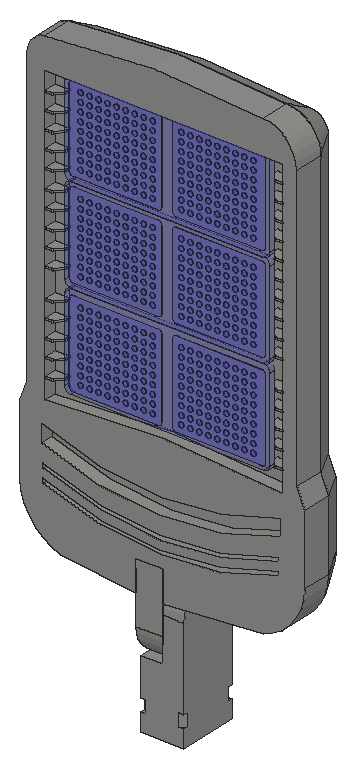
Revit family "VP-3-K", category Lighting Fixtures, host Face, Revit 2019 (continued)
Definition of nested family "SIZE3-K"
  Forms (in)
    Blend 50, solid, material <- "Fixture"
      base sketch origin (0, 0, 0) x (1, 0, 0) y (0, 0, 1)
        loop
          arc (-6.75192, 33.95884) -> (-7.48558, 33.52919) -> (-7.77472, 32.72966) r 1.25
          line (-7.77472, 32.72966) -> (-7.77472, 15.72202) -> (-8.18, 14.67799) -> (-8.18, 10.64521)
          arc (-8.18, 10.64521) -> (-7.52407, 8.68733) -> (-5.82104, 7.51974) r 3.25
          arc (-5.82104, 7.51974) -> (-2.92086, 7.15165) -> (0, 7.02866) r 34.74571
          arc (0, 7.02866) -> (2.92086, 7.15165) -> (5.82104, 7.51974) r 34.74571
          arc (5.82104, 7.51974) -> (7.52407, 8.68733) -> (8.18, 10.64521) r 3.25
          line (8.18, 10.64521) -> (8.18, 14.67799) -> (7.7425, 15.80502) -> (7.7425, 32.05879)
          arc (7.7425, 32.05879) -> (7.16964, 33.45997) -> (5.77922, 34.05846) r 2
          arc (5.77922, 34.05846) -> (-0.48981, 34.44343) -> (-6.75192, 33.95884) r 45.36519
      top sketch origin (0, 0, 0) x (1, 0, 0) y (0, 0, 1)
        loop
          arc (5.71398, 33.05839) -> (-0.43659, 33.4438) -> (-6.58122, 32.97319) r 44.36519
          arc (-6.58122, 32.97319) -> (-6.72046, 32.88519) -> (-6.77472, 32.72966) r 0.25
          line (-6.77472, 32.72966) -> (-6.77472, 15.53474) -> (-7.18, 14.49071) -> (-7.18, 10.64521)
          arc (-7.18, 10.64521) -> (-6.74089, 9.30985) -> (-5.59495, 8.49571) r 2.25
          arc (-5.59495, 8.49571) -> (-2.89422, 8.15301) -> (-0.17465, 8.02912) r 33.74571
          arc (-0.17465, 8.02912) -> (2.72017, 8.13848) -> (5.59495, 8.49571) r 33.74571
          arc (5.59495, 8.49571) -> (6.74089, 9.30985) -> (7.18, 10.64521) r 2.25
          line (7.18, 10.64521) -> (7.18, 14.49071) -> (6.7425, 15.61774) -> (6.7425, 32.05879)
          arc (6.7425, 32.05879) -> (6.43945, 32.77591) -> (5.71398, 33.05839) r 1
      from 0 to -1.74
    Extrusion 51, solid, material <- "Fixture"
      sketch origin (0, 0, 0) x (0, 1, 0) y (0, 0, 1)
        loop
          line (1.74, 0) -> (1.74, 6.43918)
          arc (1.74, 6.43918) -> (0, 8.17918) -> (-1.74, 6.43918) r 1.74
          line (-1.74, 6.43918) -> (-1.74, 0) -> (1.74, 0)
      from -1.24 to 1.24
    Extrusion 52, solid, material <- "Fixture"
      sketch origin (0, 0, 0) x (0, 1, 0) y (0, 0, 1)
        loop
          line (1.74, 8.81429) -> (-1.74, 8.81429) -> (-1.74, 5.31429)
          arc (-1.74, 5.31429) -> (0, 3.57429) -> (1.74, 5.31429) r 1.74
          line (1.74, 5.31429) -> (1.74, 8.81429)
      from -1.5 to 0
    Extrusion 53, void
      sketch origin (0, 0, 0) x (1, 0, 0) y (0, 0, 1)
        loop
          line (-1.5, 8.3) -> (-1.5, 3.90812) -> (0, 3.90812) -> (0, 8.3) -> (-1.5, 8.3)
      from -1.84653 to 1.9488
    Extrusion 54, void
      sketch origin (0, 0, 0) x (1, 0, 0) y (0, 1, 0)
        loop
          line (0.84352, 1.83879) -> (1.27235, 1.40996) -> (1.4375, 1.40996) -> (1.4375, 1.83879) -> (0.84352, 1.83879)
        loop
          line (-0.84352, 1.83879) -> (-1.4375, 1.83879) -> (-1.4375, 1.40996) -> (-1.27235, 1.40996) -> (-0.84352, 1.83879)
        loop
          line (0.84352, -1.83879) -> (1.4375, -1.83879) -> (1.4375, -1.40996) -> (1.27235, -1.40996) -> (0.84352, -1.83879)
        loop
          line (-0.84352, -1.83879) -> (-1.27235, -1.40996) -> (-1.4375, -1.40996) -> (-1.4375, -1.83879) -> (-0.84352, -1.83879)
      from 1 to 1.75
  Cuts and joins
    Extrusion 3, Extrusion 49, Extrusion 53 cuts Extrusion 2
    Extrusion 53 cuts Blend 50
    Extrusion 53, Extrusion 54 cuts Extrusion 51
  Dimensions and locks (in)
    equal spacing: plane 4, plane 3 "Center (Left/Right)", plane 5
    "Width": plane 4 to plane 5
    "Length": plane 7 to plane 6
    "Mount Length": plane 6 to plane 2
    aligned and locked: plane 2 to Extrusion 1
    aligned and locked: level to Extrusion 1
    aligned and locked: plane 1 "Center (Front/Back)" to Blend 50
  Automatic sketch dimensions
    Extrusion 1 sketch curve to Extrusion 1 sketch curve = 96.00"  (x2)
    Extrusion 2 sketch curve to plane 3 "Center (Left/Right)" = 0.00"
    Extrusion 2 sketch curve to plane 3 "Center (Left/Right)" = 0.12919"
    plane 5 to Extrusion 2 sketch curve = 3.125"
    plane 5 to Extrusion 2 sketch curve = 1.53028"
    plane 5 to Extrusion 2 sketch curve = 0.28028"
    Extrusion 2 sketch curve to plane 5 = 0.125"
    Extrusion 2 sketch curve to plane 4 = 3.125"
    Extrusion 2 sketch curve to plane 4 = 2.3125"
    Extrusion 2 sketch curve to plane 4 = 0.3125"
    plane 4 to Extrusion 2 sketch curve = 0.125"
    Extrusion 2 sketch curve to level = 10.92033"
    plane 6 to Extrusion 2 sketch curve = 3.14521"
    Extrusion 2 sketch curve to Extrusion 2 sketch curve = 0.00"
    Extrusion 2 sketch curve to Extrusion 2 sketch curve = 4.03278"  (x2)
    Extrusion 2 sketch curve to Extrusion 2 sketch curve = 1.04403"
    Extrusion 2 sketch curve to Extrusion 2 sketch curve = 1.12703"
    Extrusion 2 sketch curve to plane 7 = 2.41121"
    Extrusion 2 sketch curve to Extrusion 2 sketch curve = 0.67087"
    plane 7 to Extrusion 2 sketch curve = 7.30438"
    plane 6 to Extrusion 2 sketch curve = 0.01974"
    Extrusion 2 sketch curve to plane 7 = 0.51116"
    plane 5 to Extrusion 3 sketch curve = 1.27892"
    plane 3 "Center (Left/Right)" to Extrusion 3 sketch curve = 0.06506"
    Extrusion 3 sketch curve to plane 4 = 1.125"
    Extrusion 3 sketch curve to level = 39.4018"
    plane 6 to Extrusion 3 sketch curve = 7.63674"
    Extrusion 3 sketch curve to plane 7 = 2.31818"
    plane 5 to Extrusion 4 sketch curve = 2.15013"
    Extrusion 4 sketch curve to Extrusion 4 sketch curve = 0.35"  (x3)
    Extrusion 4 sketch curve to plane 4 = 2.50013"  (x2)
    Extrusion 4 sketch curve to plane 7 = 7.81818"
    Extrusion 4 sketch curve to plane 7 = 2.66818"
    plane 5 to Extrusion 5 sketch curve = 3.08171"
    Extrusion 5 sketch curve to Extrusion 5 sketch curve = 0.00"  (x61)
    Extrusion 5 sketch curve to Extrusion 5 sketch curve = 0.51875"  (x27)
    Extrusion 5 sketch curve to plane 7 = 7.01806"
    Extrusion 5 sketch curve to Extrusion 5 sketch curve = 0.50"  (x72)
    plane 5 to Extrusion 6 sketch curve = 2.39345"
    Extrusion 6 sketch curve to Extrusion 6 sketch curve = 0.25"  (x3)
    Extrusion 6 sketch curve to plane 3 "Center (Left/Right)" = 0.54655"  (x2)
    Extrusion 6 sketch curve to plane 7 = 7.5141"
    Extrusion 6 sketch curve to plane 7 = 2.7641"
    Extrusion 7 sketch curve to plane 4 = 1.99807"
    Extrusion 7 sketch curve to plane 8 = 0.46661"
    Extrusion 7 sketch curve to Extrusion 7 sketch curve = 0.02618"
    Extrusion 7 sketch curve to Extrusion 7 sketch curve = 0.1119"
    Extrusion 7 sketch curve to plane 8 = 0.03691"
    Extrusion 7 sketch curve to Extrusion 7 sketch curve = 0.36056"
    Extrusion 7 sketch curve to plane 8 = 0.00781"
    Extrusion 7 sketch curve to Extrusion 7 sketch curve = 0.06241"
    Extrusion 7 sketch curve to Extrusion 7 sketch curve = 0.42393"
    Extrusion 7 sketch curve to Extrusion 7 sketch curve = 0.73219"
    plane 4 to Extrusion 8 sketch curve = 3.08171"
    Extrusion 8 sketch curve to Extrusion 8 sketch curve = 0.00"  (x61)
    Extrusion 8 sketch curve to Extrusion 8 sketch curve = 0.51875"  (x27)
    plane 7 to Extrusion 8 sketch curve = 7.01806"
    Extrusion 8 sketch curve to Extrusion 8 sketch curve = 0.50"  (x72)
    plane 4 to Extrusion 9 sketch curve = 2.39345"
    Extrusion 9 sketch curve to Extrusion 9 sketch curve = 0.25"  (x3)
    Extrusion 9 sketch curve to plane 3 "Center (Left/Right)" = 0.54655"  (x2)
    plane 7 to Extrusion 9 sketch curve = 7.5141"
    plane 7 to Extrusion 9 sketch curve = 2.7641"
    plane 5 to Extrusion 10 sketch curve = 2.15013"
    Extrusion 10 sketch curve to Extrusion 10 sketch curve = 0.35"  (x3)
    Extrusion 10 sketch curve to plane 4 = 2.50013"  (x2)
    Extrusion 10 sketch curve to plane 7 = 13.31818"
    Extrusion 10 sketch curve to Extrusion 10 sketch curve = 4.80"
    plane 5 to Extrusion 11 sketch curve = 3.08171"
    Extrusion 11 sketch curve to Extrusion 11 sketch curve = 0.00"  (x61)
    Extrusion 11 sketch curve to Extrusion 11 sketch curve = 0.51875"  (x27)
    Extrusion 11 sketch curve to plane 7 = 12.51806"
    Extrusion 11 sketch curve to Extrusion 11 sketch curve = 0.50"  (x72)
    plane 5 to Extrusion 12 sketch curve = 2.39345"
    Extrusion 12 sketch curve to Extrusion 12 sketch curve = 0.25"  (x3)
    Extrusion 12 sketch curve to plane 3 "Center (Left/Right)" = 0.54655"  (x2)
    Extrusion 12 sketch curve to plane 7 = 13.0141"
    Extrusion 12 sketch curve to Extrusion 12 sketch curve = 4.50"
    plane 4 to Extrusion 13 sketch curve = 3.08171"
    Extrusion 13 sketch curve to Extrusion 13 sketch curve = 0.00"  (x61)
    Extrusion 13 sketch curve to Extrusion 13 sketch curve = 0.51875"  (x27)
    plane 7 to Extrusion 13 sketch curve = 12.51806"
    Extrusion 13 sketch curve to Extrusion 13 sketch curve = 0.50"  (x72)
    plane 4 to Extrusion 14 sketch curve = 2.39345"
    Extrusion 14 sketch curve to Extrusion 14 sketch curve = 0.25"  (x3)
    Extrusion 14 sketch curve to plane 3 "Center (Left/Right)" = 0.54655"  (x2)
    plane 7 to Extrusion 14 sketch curve = 13.0141"
    Extrusion 14 sketch curve to Extrusion 14 sketch curve = 4.50"
    Extrusion 15 sketch curve to plane 5 = 2.15013"
    Extrusion 15 sketch curve to Extrusion 15 sketch curve = 0.35"  (x3)
    plane 4 to Extrusion 15 sketch curve = 2.50013"  (x2)
    plane 7 to Extrusion 15 sketch curve = 13.31818"
    Extrusion 15 sketch curve to Extrusion 15 sketch curve = 4.80"
    Extrusion 16 sketch curve to plane 5 = 3.08171"
    Extrusion 16 sketch curve to Extrusion 16 sketch curve = 0.00"  (x61)
    Extrusion 16 sketch curve to Extrusion 16 sketch curve = 0.51875"  (x27)
    Extrusion 16 sketch curve to plane 6 = 12.8517"
    Extrusion 16 sketch curve to Extrusion 16 sketch curve = 0.50"  (x72)
    Extrusion 17 sketch curve to plane 5 = 2.39345"
    Extrusion 17 sketch curve to Extrusion 17 sketch curve = 0.25"  (x3)
    plane 3 "Center (Left/Right)" to Extrusion 17 sketch curve = 0.54655"  (x2)
    Extrusion 17 sketch curve to plane 6 = 13.34775"
    Extrusion 17 sketch curve to Extrusion 17 sketch curve = 4.50"
    Extrusion 18 sketch curve to plane 4 = 3.08171"
    Extrusion 18 sketch curve to Extrusion 18 sketch curve = 0.00"  (x61)
    Extrusion 18 sketch curve to Extrusion 18 sketch curve = 0.51875"  (x27)
    plane 6 to Extrusion 18 sketch curve = 12.8517"
    Extrusion 18 sketch curve to Extrusion 18 sketch curve = 0.50"  (x72)
    Extrusion 19 sketch curve to plane 4 = 2.39345"
    Extrusion 19 sketch curve to Extrusion 19 sketch curve = 0.25"  (x3)
    plane 3 "Center (Left/Right)" to Extrusion 19 sketch curve = 0.54655"  (x2)
    plane 6 to Extrusion 19 sketch curve = 13.34775"
    Extrusion 19 sketch curve to Extrusion 19 sketch curve = 4.50"
    Extrusion 20 sketch curve to plane 4 = 1.99807"
    Extrusion 20 sketch curve to plane 8 = 0.46661"
    Extrusion 20 sketch curve to Extrusion 20 sketch curve = 0.02618"
    Extrusion 20 sketch curve to Extrusion 20 sketch curve = 0.1119"
    Extrusion 20 sketch curve to plane 8 = 0.03691"
    Extrusion 20 sketch curve to Extrusion 20 sketch curve = 0.36056"
    Extrusion 20 sketch curve to plane 8 = 0.00781"
    Extrusion 20 sketch curve to Extrusion 20 sketch curve = 0.06241"
    Extrusion 20 sketch curve to Extrusion 20 sketch curve = 0.42393"
    Extrusion 20 sketch curve to Extrusion 20 sketch curve = 0.73219"
    Extrusion 21 sketch curve to plane 4 = 1.99807"
    Extrusion 21 sketch curve to plane 8 = 0.46661"
    Extrusion 21 sketch curve to Extrusion 21 sketch curve = 0.02618"
    Extrusion 21 sketch curve to Extrusion 21 sketch curve = 0.1119"
    Extrusion 21 sketch curve to plane 8 = 0.03691"
    Extrusion 21 sketch curve to Extrusion 21 sketch curve = 0.36056"
    Extrusion 21 sketch curve to plane 8 = 0.00781"
    Extrusion 21 sketch curve to Extrusion 21 sketch curve = 0.06241"
    Extrusion 21 sketch curve to Extrusion 21 sketch curve = 0.42393"
    Extrusion 21 sketch curve to Extrusion 21 sketch curve = 0.73219"
    Extrusion 22 sketch curve to plane 4 = 1.99807"
    Extrusion 22 sketch curve to plane 8 = 0.46661"
    Extrusion 22 sketch curve to Extrusion 22 sketch curve = 0.02618"
    Extrusion 22 sketch curve to Extrusion 22 sketch curve = 0.1119"
    Extrusion 22 sketch curve to plane 8 = 0.03691"
    Extrusion 22 sketch curve to Extrusion 22 sketch curve = 0.36056"
    Extrusion 22 sketch curve to plane 8 = 0.00781"
    Extrusion 22 sketch curve to Extrusion 22 sketch curve = 0.06241"
    Extrusion 22 sketch curve to Extrusion 22 sketch curve = 0.42393"
    Extrusion 22 sketch curve to Extrusion 22 sketch curve = 0.73219"
    Extrusion 23 sketch curve to plane 4 = 1.99807"
    Extrusion 23 sketch curve to plane 8 = 0.46661"
    Extrusion 23 sketch curve to Extrusion 23 sketch curve = 0.02618"
    Extrusion 23 sketch curve to Extrusion 23 sketch curve = 0.1119"
    Extrusion 23 sketch curve to plane 8 = 0.03691"
    Extrusion 23 sketch curve to Extrusion 23 sketch curve = 0.36056"
    Extrusion 23 sketch curve to plane 8 = 0.00781"
    Extrusion 23 sketch curve to Extrusion 23 sketch curve = 0.06241"
    Extrusion 23 sketch curve to Extrusion 23 sketch curve = 0.42393"
    Extrusion 23 sketch curve to Extrusion 23 sketch curve = 0.73219"
    Extrusion 24 sketch curve to plane 4 = 1.99807"
    Extrusion 24 sketch curve to plane 8 = 0.46661"
    Extrusion 24 sketch curve to Extrusion 24 sketch curve = 0.02618"
    Extrusion 24 sketch curve to Extrusion 24 sketch curve = 0.1119"
    Extrusion 24 sketch curve to plane 8 = 0.03691"
    Extrusion 24 sketch curve to Extrusion 24 sketch curve = 0.36056"
    Extrusion 24 sketch curve to plane 8 = 0.00781"
    Extrusion 24 sketch curve to Extrusion 24 sketch curve = 0.06241"
    Extrusion 24 sketch curve to Extrusion 24 sketch curve = 0.42393"
    Extrusion 24 sketch curve to Extrusion 24 sketch curve = 0.73219"
    Extrusion 25 sketch curve to plane 4 = 1.99807"
    Extrusion 25 sketch curve to plane 8 = 0.46661"
    Extrusion 25 sketch curve to Extrusion 25 sketch curve = 0.02618"
    Extrusion 25 sketch curve to Extrusion 25 sketch curve = 0.1119"
    Extrusion 25 sketch curve to plane 8 = 0.03691"
    Extrusion 25 sketch curve to Extrusion 25 sketch curve = 0.36056"
    Extrusion 25 sketch curve to plane 8 = 0.00781"
    Extrusion 25 sketch curve to Extrusion 25 sketch curve = 0.06241"
    Extrusion 25 sketch curve to Extrusion 25 sketch curve = 0.42393"
    Extrusion 25 sketch curve to Extrusion 25 sketch curve = 0.73219"
    Extrusion 26 sketch curve to plane 4 = 1.99807"
    Extrusion 26 sketch curve to plane 8 = 0.46661"
    Extrusion 26 sketch curve to Extrusion 26 sketch curve = 0.02618"
    Extrusion 26 sketch curve to Extrusion 26 sketch curve = 0.1119"
    Extrusion 26 sketch curve to plane 8 = 0.03691"
    Extrusion 26 sketch curve to Extrusion 26 sketch curve = 0.36056"
    Extrusion 26 sketch curve to plane 8 = 0.00781"
    Extrusion 26 sketch curve to Extrusion 26 sketch curve = 0.06241"
    Extrusion 26 sketch curve to Extrusion 26 sketch curve = 0.42393"
    Extrusion 26 sketch curve to Extrusion 26 sketch curve = 0.73219"
    Extrusion 27 sketch curve to plane 4 = 1.99807"
    Extrusion 27 sketch curve to plane 8 = 0.46661"
    Extrusion 27 sketch curve to Extrusion 27 sketch curve = 0.02618"
    Extrusion 27 sketch curve to Extrusion 27 sketch curve = 0.1119"
    Extrusion 27 sketch curve to plane 8 = 0.03691"
    Extrusion 27 sketch curve to Extrusion 27 sketch curve = 0.36056"
    Extrusion 27 sketch curve to plane 8 = 0.00781"
    Extrusion 27 sketch curve to Extrusion 27 sketch curve = 0.06241"
    Extrusion 27 sketch curve to Extrusion 27 sketch curve = 0.42393"
    Extrusion 27 sketch curve to Extrusion 27 sketch curve = 0.73219"
    Extrusion 28 sketch curve to plane 4 = 1.99807"
    Extrusion 28 sketch curve to plane 8 = 0.46661"
    Extrusion 28 sketch curve to Extrusion 28 sketch curve = 0.02618"
    Extrusion 28 sketch curve to Extrusion 28 sketch curve = 0.1119"
    Extrusion 28 sketch curve to plane 8 = 0.03691"
    Extrusion 28 sketch curve to Extrusion 28 sketch curve = 0.36056"
    Extrusion 28 sketch curve to plane 8 = 0.00781"
    Extrusion 28 sketch curve to Extrusion 28 sketch curve = 0.06241"
    Extrusion 28 sketch curve to Extrusion 28 sketch curve = 0.42393"
    Extrusion 28 sketch curve to Extrusion 28 sketch curve = 0.73219"
    Extrusion 29 sketch curve to plane 4 = 1.99807"
    Extrusion 29 sketch curve to plane 8 = 0.46661"
    Extrusion 29 sketch curve to Extrusion 29 sketch curve = 0.02618"
    Extrusion 29 sketch curve to Extrusion 29 sketch curve = 0.1119"
    Extrusion 29 sketch curve to plane 8 = 0.03691"
    Extrusion 29 sketch curve to Extrusion 29 sketch curve = 0.36056"
    Extrusion 29 sketch curve to plane 8 = 0.00781"
    Extrusion 29 sketch curve to Extrusion 29 sketch curve = 0.06241"
    Extrusion 29 sketch curve to Extrusion 29 sketch curve = 0.42393"
    Extrusion 29 sketch curve to Extrusion 29 sketch curve = 0.73219"
    Extrusion 30 sketch curve to plane 4 = 1.99807"
    Extrusion 30 sketch curve to plane 8 = 0.46661"
    Extrusion 30 sketch curve to Extrusion 30 sketch curve = 0.02618"
    Extrusion 30 sketch curve to Extrusion 30 sketch curve = 0.1119"
    Extrusion 30 sketch curve to plane 8 = 0.03691"
    Extrusion 30 sketch curve to Extrusion 30 sketch curve = 0.36056"
    Extrusion 30 sketch curve to plane 8 = 0.00781"
    Extrusion 30 sketch curve to Extrusion 30 sketch curve = 0.06241"
    Extrusion 30 sketch curve to Extrusion 30 sketch curve = 0.42393"
    Extrusion 30 sketch curve to Extrusion 30 sketch curve = 0.73219"
    Extrusion 31 sketch curve to plane 4 = 1.99807"
    Extrusion 31 sketch curve to plane 8 = 0.46661"
    Extrusion 31 sketch curve to Extrusion 31 sketch curve = 0.02618"
    Extrusion 31 sketch curve to Extrusion 31 sketch curve = 0.1119"
    Extrusion 31 sketch curve to plane 8 = 0.03691"
    Extrusion 31 sketch curve to Extrusion 31 sketch curve = 0.36056"
    Extrusion 31 sketch curve to plane 8 = 0.00781"
    Extrusion 31 sketch curve to Extrusion 31 sketch curve = 0.06241"
    Extrusion 31 sketch curve to Extrusion 31 sketch curve = 0.42393"
    Extrusion 31 sketch curve to Extrusion 31 sketch curve = 0.73219"
    Extrusion 32 sketch curve to plane 4 = 1.99807"
    Extrusion 32 sketch curve to plane 8 = 0.46661"
    Extrusion 32 sketch curve to Extrusion 32 sketch curve = 0.02618"
    Extrusion 32 sketch curve to Extrusion 32 sketch curve = 0.1119"
    Extrusion 32 sketch curve to plane 8 = 0.03691"
    Extrusion 32 sketch curve to Extrusion 32 sketch curve = 0.36056"
    Extrusion 32 sketch curve to plane 8 = 0.00781"
    Extrusion 32 sketch curve to Extrusion 32 sketch curve = 0.06241"
    Extrusion 32 sketch curve to Extrusion 32 sketch curve = 0.42393"
    Extrusion 32 sketch curve to Extrusion 32 sketch curve = 0.73219"
    Extrusion 33 sketch curve to plane 4 = 1.99807"
    Extrusion 33 sketch curve to plane 8 = 0.46661"
    Extrusion 33 sketch curve to Extrusion 33 sketch curve = 0.02618"
    Extrusion 33 sketch curve to Extrusion 33 sketch curve = 0.1119"
    Extrusion 33 sketch curve to plane 8 = 0.03691"
    Extrusion 33 sketch curve to Extrusion 33 sketch curve = 0.36056"
    Extrusion 33 sketch curve to plane 8 = 0.00781"
    Extrusion 33 sketch curve to Extrusion 33 sketch curve = 0.06241"
    Extrusion 33 sketch curve to Extrusion 33 sketch curve = 0.42393"
    Extrusion 33 sketch curve to Extrusion 33 sketch curve = 0.73219"
    plane 5 to Extrusion 34 sketch curve = 2.1387"
    Extrusion 34 sketch curve to plane 8 = 0.46661"
    Extrusion 34 sketch curve to Extrusion 34 sketch curve = 0.02618"
    Extrusion 34 sketch curve to Extrusion 34 sketch curve = 0.1119"
    Extrusion 34 sketch curve to plane 8 = 0.03691"
    Extrusion 34 sketch curve to Extrusion 34 sketch curve = 0.36056"
    Extrusion 34 sketch curve to plane 8 = 0.00781"
    Extrusion 34 sketch curve to Extrusion 34 sketch curve = 0.06241"
    Extrusion 34 sketch curve to Extrusion 34 sketch curve = 0.42393"
    Extrusion 34 sketch curve to Extrusion 34 sketch curve = 0.20146"
    plane 5 to Extrusion 35 sketch curve = 2.1387"
    Extrusion 35 sketch curve to plane 8 = 0.46661"
    Extrusion 35 sketch curve to Extrusion 35 sketch curve = 0.02618"
    Extrusion 35 sketch curve to Extrusion 35 sketch curve = 0.1119"
    Extrusion 35 sketch curve to plane 8 = 0.03691"
    Extrusion 35 sketch curve to Extrusion 35 sketch curve = 0.36056"
    Extrusion 35 sketch curve to plane 8 = 0.00781"
    Extrusion 35 sketch curve to Extrusion 35 sketch curve = 0.06241"
    Extrusion 35 sketch curve to Extrusion 35 sketch curve = 0.42393"
    Extrusion 35 sketch curve to Extrusion 35 sketch curve = 0.20146"
    plane 5 to Extrusion 36 sketch curve = 2.1387"
    Extrusion 36 sketch curve to plane 8 = 0.46661"
    Extrusion 36 sketch curve to Extrusion 36 sketch curve = 0.02618"
    Extrusion 36 sketch curve to Extrusion 36 sketch curve = 0.1119"
    Extrusion 36 sketch curve to plane 8 = 0.03691"
    Extrusion 36 sketch curve to Extrusion 36 sketch curve = 0.36056"
    Extrusion 36 sketch curve to plane 8 = 0.00781"
    Extrusion 36 sketch curve to Extrusion 36 sketch curve = 0.06241"
    Extrusion 36 sketch curve to Extrusion 36 sketch curve = 0.42393"
    Extrusion 36 sketch curve to Extrusion 36 sketch curve = 0.20146"
    plane 5 to Extrusion 37 sketch curve = 2.1387"
    Extrusion 37 sketch curve to plane 8 = 0.46661"
    Extrusion 37 sketch curve to Extrusion 37 sketch curve = 0.02618"
    Extrusion 37 sketch curve to Extrusion 37 sketch curve = 0.1119"
    Extrusion 37 sketch curve to plane 8 = 0.03691"
    Extrusion 37 sketch curve to Extrusion 37 sketch curve = 0.36056"
    Extrusion 37 sketch curve to plane 8 = 0.00781"
    Extrusion 37 sketch curve to Extrusion 37 sketch curve = 0.06241"
    Extrusion 37 sketch curve to Extrusion 37 sketch curve = 0.42393"
    Extrusion 37 sketch curve to Extrusion 37 sketch curve = 0.20146"
    plane 5 to Extrusion 38 sketch curve = 2.1387"
    Extrusion 38 sketch curve to plane 8 = 0.46661"
    Extrusion 38 sketch curve to Extrusion 38 sketch curve = 0.02618"
    Extrusion 38 sketch curve to Extrusion 38 sketch curve = 0.1119"
    Extrusion 38 sketch curve to plane 8 = 0.03691"
    Extrusion 38 sketch curve to Extrusion 38 sketch curve = 0.36056"
    Extrusion 38 sketch curve to plane 8 = 0.00781"
    Extrusion 38 sketch curve to Extrusion 38 sketch curve = 0.06241"
    Extrusion 38 sketch curve to Extrusion 38 sketch curve = 0.42393"
    Extrusion 38 sketch curve to Extrusion 38 sketch curve = 0.20146"
    plane 5 to Extrusion 39 sketch curve = 2.1387"
    Extrusion 39 sketch curve to plane 8 = 0.46661"
    Extrusion 39 sketch curve to Extrusion 39 sketch curve = 0.02618"
    Extrusion 39 sketch curve to Extrusion 39 sketch curve = 0.1119"
    Extrusion 39 sketch curve to plane 8 = 0.03691"
    Extrusion 39 sketch curve to Extrusion 39 sketch curve = 0.36056"
    Extrusion 39 sketch curve to plane 8 = 0.00781"
    Extrusion 39 sketch curve to Extrusion 39 sketch curve = 0.06241"
    Extrusion 39 sketch curve to Extrusion 39 sketch curve = 0.42393"
    Extrusion 39 sketch curve to Extrusion 39 sketch curve = 0.20146"
    plane 5 to Extrusion 40 sketch curve = 2.1387"
    Extrusion 40 sketch curve to plane 8 = 0.46661"
    Extrusion 40 sketch curve to Extrusion 40 sketch curve = 0.02618"
    Extrusion 40 sketch curve to Extrusion 40 sketch curve = 0.1119"
    Extrusion 40 sketch curve to plane 8 = 0.03691"
    Extrusion 40 sketch curve to Extrusion 40 sketch curve = 0.36056"
    Extrusion 40 sketch curve to plane 8 = 0.00781"
    Extrusion 40 sketch curve to Extrusion 40 sketch curve = 0.06241"
    Extrusion 40 sketch curve to Extrusion 40 sketch curve = 0.42393"
    Extrusion 40 sketch curve to Extrusion 40 sketch curve = 0.20146"
    plane 5 to Extrusion 41 sketch curve = 2.1387"
    Extrusion 41 sketch curve to plane 8 = 0.46661"
    Extrusion 41 sketch curve to Extrusion 41 sketch curve = 0.02618"
    Extrusion 41 sketch curve to Extrusion 41 sketch curve = 0.1119"
    Extrusion 41 sketch curve to plane 8 = 0.03691"
    Extrusion 41 sketch curve to Extrusion 41 sketch curve = 0.36056"
    Extrusion 41 sketch curve to plane 8 = 0.00781"
    Extrusion 41 sketch curve to Extrusion 41 sketch curve = 0.06241"
    Extrusion 41 sketch curve to Extrusion 41 sketch curve = 0.42393"
    Extrusion 41 sketch curve to Extrusion 41 sketch curve = 0.20146"
    plane 5 to Extrusion 42 sketch curve = 2.1387"
    Extrusion 42 sketch curve to plane 8 = 0.46661"
    Extrusion 42 sketch curve to Extrusion 42 sketch curve = 0.02618"
    Extrusion 42 sketch curve to Extrusion 42 sketch curve = 0.1119"
    Extrusion 42 sketch curve to plane 8 = 0.03691"
    Extrusion 42 sketch curve to Extrusion 42 sketch curve = 0.36056"
    Extrusion 42 sketch curve to plane 8 = 0.00781"
    Extrusion 42 sketch curve to Extrusion 42 sketch curve = 0.06241"
    Extrusion 42 sketch curve to Extrusion 42 sketch curve = 0.42393"
    Extrusion 42 sketch curve to Extrusion 42 sketch curve = 0.20146"
    plane 5 to Extrusion 43 sketch curve = 2.1387"
    Extrusion 43 sketch curve to plane 8 = 0.46661"
    Extrusion 43 sketch curve to Extrusion 43 sketch curve = 0.02618"
    Extrusion 43 sketch curve to Extrusion 43 sketch curve = 0.1119"
    Extrusion 43 sketch curve to plane 8 = 0.03691"
    Extrusion 43 sketch curve to Extrusion 43 sketch curve = 0.36056"
    Extrusion 43 sketch curve to plane 8 = 0.00781"
    Extrusion 43 sketch curve to Extrusion 43 sketch curve = 0.06241"
    Extrusion 43 sketch curve to Extrusion 43 sketch curve = 0.42393"
    Extrusion 43 sketch curve to Extrusion 43 sketch curve = 0.20146"
    plane 5 to Extrusion 44 sketch curve = 2.1387"
    Extrusion 44 sketch curve to plane 8 = 0.46661"
    Extrusion 44 sketch curve to Extrusion 44 sketch curve = 0.02618"
    Extrusion 44 sketch curve to Extrusion 44 sketch curve = 0.1119"
    Extrusion 44 sketch curve to plane 8 = 0.03691"
    Extrusion 44 sketch curve to Extrusion 44 sketch curve = 0.36056"
    Extrusion 44 sketch curve to plane 8 = 0.00781"
    Extrusion 44 sketch curve to Extrusion 44 sketch curve = 0.06241"
    Extrusion 44 sketch curve to Extrusion 44 sketch curve = 0.42393"
    Extrusion 44 sketch curve to Extrusion 44 sketch curve = 0.20146"
    plane 5 to Extrusion 45 sketch curve = 2.1387"
    Extrusion 45 sketch curve to plane 8 = 0.46661"
    Extrusion 45 sketch curve to Extrusion 45 sketch curve = 0.02618"
    Extrusion 45 sketch curve to Extrusion 45 sketch curve = 0.1119"
    Extrusion 45 sketch curve to plane 8 = 0.03691"
    Extrusion 45 sketch curve to Extrusion 45 sketch curve = 0.36056"
    Extrusion 45 sketch curve to plane 8 = 0.00781"
    Extrusion 45 sketch curve to Extrusion 45 sketch curve = 0.06241"
    Extrusion 45 sketch curve to Extrusion 45 sketch curve = 0.42393"
    Extrusion 45 sketch curve to Extrusion 45 sketch curve = 0.20146"
    plane 5 to Extrusion 46 sketch curve = 2.1387"
    Extrusion 46 sketch curve to plane 8 = 0.46661"
    Extrusion 46 sketch curve to Extrusion 46 sketch curve = 0.02618"
    Extrusion 46 sketch curve to Extrusion 46 sketch curve = 0.1119"
    Extrusion 46 sketch curve to plane 8 = 0.03691"
    Extrusion 46 sketch curve to Extrusion 46 sketch curve = 0.36056"
    Extrusion 46 sketch curve to plane 8 = 0.00781"
    Extrusion 46 sketch curve to Extrusion 46 sketch curve = 0.06241"
    Extrusion 46 sketch curve to Extrusion 46 sketch curve = 0.42393"
    Extrusion 46 sketch curve to Extrusion 46 sketch curve = 0.20146"
    plane 5 to Extrusion 47 sketch curve = 2.1387"
    Extrusion 47 sketch curve to plane 8 = 0.46661"
    Extrusion 47 sketch curve to Extrusion 47 sketch curve = 0.02618"
    Extrusion 47 sketch curve to Extrusion 47 sketch curve = 0.1119"
    Extrusion 47 sketch curve to plane 8 = 0.03691"
    Extrusion 47 sketch curve to Extrusion 47 sketch curve = 0.36056"
    Extrusion 47 sketch curve to plane 8 = 0.00781"
    Extrusion 47 sketch curve to Extrusion 47 sketch curve = 0.06241"
    Extrusion 47 sketch curve to Extrusion 47 sketch curve = 0.42393"
    Extrusion 47 sketch curve to Extrusion 47 sketch curve = 0.20146"
    plane 5 to Extrusion 48 sketch curve = 2.1387"
    Extrusion 48 sketch curve to plane 8 = 0.46661"
    Extrusion 48 sketch curve to Extrusion 48 sketch curve = 0.02618"
    Extrusion 48 sketch curve to Extrusion 48 sketch curve = 0.1119"
    Extrusion 48 sketch curve to plane 8 = 0.03691"
    Extrusion 48 sketch curve to Extrusion 48 sketch curve = 0.36056"
    Extrusion 48 sketch curve to plane 8 = 0.00781"
    Extrusion 48 sketch curve to Extrusion 48 sketch curve = 0.06241"
    Extrusion 48 sketch curve to Extrusion 48 sketch curve = 0.42393"
    Extrusion 48 sketch curve to Extrusion 48 sketch curve = 0.20146"
    plane 5 to Extrusion 49 sketch curve = 1.10793"
    Extrusion 49 sketch curve to Extrusion 49 sketch curve = 0.09172"
    Extrusion 49 sketch curve to Extrusion 49 sketch curve = 0.00"  (x2)
    Extrusion 49 sketch curve to plane 3 "Center (Left/Right)" = 0.00354"  (x6)
    Extrusion 49 sketch curve to plane 4 = 1.32465"
    Extrusion 49 sketch curve to Extrusion 49 sketch curve = 0.08465"
    plane 6 to Extrusion 49 sketch curve = 3.35354"
    level to Extrusion 49 sketch curve = 10.80595"
    Extrusion 49 sketch curve to Extrusion 49 sketch curve = 0.27118"  (x2)
    Extrusion 49 sketch curve to Extrusion 49 sketch curve = 0.27147"  (x2)
    Extrusion 49 sketch curve to Extrusion 49 sketch curve = 0.47882"
    Extrusion 49 sketch curve to Extrusion 49 sketch curve = 0.47853"
    Extrusion 49 sketch curve to Extrusion 49 sketch curve = 1.01649"
    Extrusion 49 sketch curve to Extrusion 49 sketch curve = 1.00"  (x2)
    Extrusion 49 sketch curve to Extrusion 49 sketch curve = 0.875"
    Blend 50 sketch curve to Blend 50 sketch curve = 0.00"  (x3)
    Blend 50 sketch curve to plane 3 "Center (Left/Right)" = 0.00"  (x2)
    Blend 50 sketch curve to plane 3 "Center (Left/Right)" = 0.12919"  (x2)
    plane 5 to Blend 50 sketch curve = 3.125"
    plane 5 to Blend 50 sketch curve = 1.53028"  (x2)
    plane 5 to Blend 50 sketch curve = 0.28028"
    Blend 50 sketch curve to plane 5 = 0.125"
    Blend 50 sketch curve to plane 4 = 3.125"
    Blend 50 sketch curve to plane 4 = 2.3125"  (x2)
    Blend 50 sketch curve to plane 4 = 0.3125"
    plane 4 to Blend 50 sketch curve = 0.125"
    Blend 50 sketch curve to level = 10.92033"  (x2)
    Blend 50 sketch curve to Blend 50 sketch curve = 4.03278"  (x2)
    Blend 50 sketch curve to Blend 50 sketch curve = 1.04403"  (x2)
    Blend 50 sketch curve to Blend 50 sketch curve = 1.12703"  (x2)
    Blend 50 sketch curve to plane 7 = 2.41121"  (x2)
    Blend 50 sketch curve to Blend 50 sketch curve = 0.67087"  (x2)
    Blend 50 sketch curve to plane 7 = 0.51116"
    plane 6 to Blend 50 sketch curve = 3.14521"  (x2)
    plane 6 to Blend 50 sketch curve = 0.01974"  (x2)
    Blend 50 sketch curve to plane 6 = 0.47134"
    Blend 50 sketch curve to Blend 50 sketch curve = 0.25"
    plane 5 to Blend 50 sketch curve = 0.875"
    Blend 50 sketch curve to Blend 50 sketch curve = 1.00"
    Blend 50 sketch curve to plane 4 = 0.875"
    Blend 50 sketch curve to Blend 50 sketch curve = 3.8455"  (x2)
    Blend 50 sketch curve to Blend 50 sketch curve = 0.0565"
    Blend 50 sketch curve to Blend 50 sketch curve = 2.25"  (x2)
    plane 6 to Blend 50 sketch curve = 0.99571"  (x2)
    plane 6 to Blend 50 sketch curve = 0.52912"
    Blend 50 sketch curve to plane 3 "Center (Left/Right)" = 0.17465"
    Extrusion 51 sketch curve to plane 8 = 0.00"
    Extrusion 51 sketch curve to plane 1 "Center (Front/Back)" = 0.00"
    Extrusion 51 sketch curve to level = 0.00"
    Extrusion 51 sketch curve to plane 6 = 1.06082"
    Extrusion 52 sketch curve to plane 8 = 0.00"
    Extrusion 52 sketch curve to plane 1 "Center (Front/Back)" = 0.00"
    Extrusion 52 sketch curve to plane 6 = 2.18571"
    plane 6 to Extrusion 52 sketch curve = 1.31429"
    Extrusion 53 sketch curve to plane 3 "Center (Left/Right)" = 0.00"
    Extrusion 53 sketch curve to Extrusion 53 sketch curve = 1.50"
    Extrusion 53 sketch curve to plane 6 = 3.59188"
    plane 6 to Extrusion 53 sketch curve = 0.80"
    Extrusion 54 sketch curve to plane 9 = 0.09879"  (x2)
    Extrusion 54 sketch curve to plane 3 "Center (Left/Right)" = 1.4375"  (x2)
    plane 8 to Extrusion 54 sketch curve = 0.09879"  (x2)
    Extrusion 54 sketch curve to Extrusion 54 sketch curve = 0.16515"  (x4)
    Extrusion 54 sketch curve to Extrusion 54 sketch curve = 0.59398"  (x2)
    plane 3 "Center (Left/Right)" to Extrusion 54 sketch curve = 0.84352"  (x2)
    Extrusion 54 sketch curve to Extrusion 54 sketch curve = 0.42883"  (x2)
    Extrusion 54 sketch curve to plane 8 = 0.33004"  (x2)
    plane 9 to Extrusion 54 sketch curve = 0.33004"  (x2)
    radius of Extrusion 5 sketch curve = 0.15"  (x81)
    radius of Extrusion 8 sketch curve = 0.15"  (x81)
    radius of Extrusion 11 sketch curve = 0.15"  (x81)
    radius of Extrusion 13 sketch curve = 0.15"  (x81)
    radius of Extrusion 16 sketch curve = 0.15"  (x81)
    radius of Extrusion 18 sketch curve = 0.15"  (x81)
